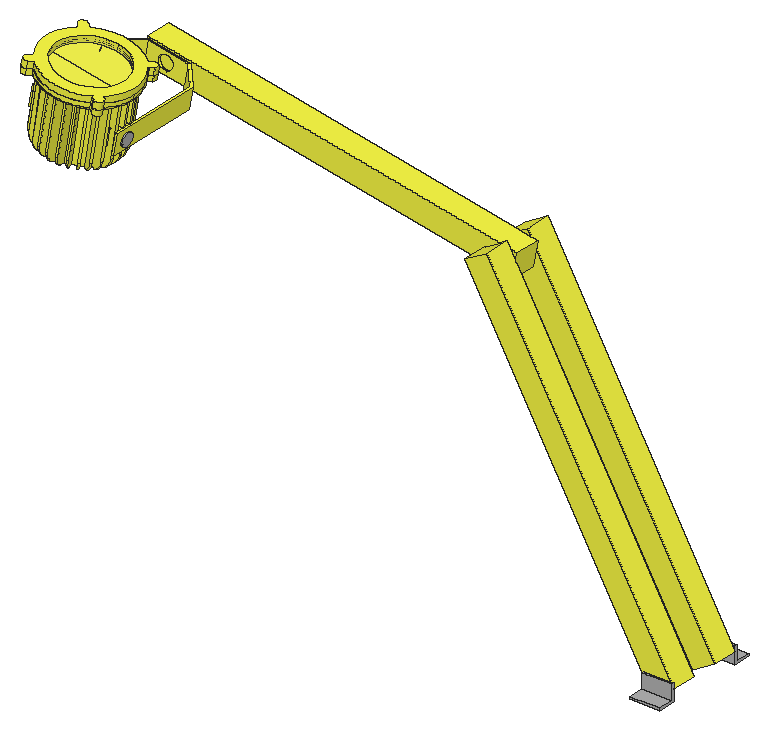
Revit family "DOKSTAR", category Lighting Fixtures, host Face, Revit 2021
Family settings
  Host = Face
  Round Connector Dimension = Use Diameter
  Part Type = Normal
  OmniClass Number = 23.80.70.11
  OmniClass Title = Luminaries for Internal Lighting
  Cut with Voids When Loaded = No
  Light Source = No
  Shared = Yes
  Room Calculation Point = No
Parameters (values of type "DOK")
  zz Angle 3 [instance] = if(Fixture Head Tilt < 1.00°, 1.00°, if(Fixture Head Tilt > 179.00°, 179.00°, Fixture Head Tilt))  # 1.00°
  zz Angle 2 [instance] = if(Single Arm Tilt < 40.00°, 40.00°, if(Single Arm Tilt > 140.00°, 140.00°, Single Arm Tilt))  # 40.00°
  zz Angle 1 [instance] = if(Double Arm Tilt < 30.00°, 30.00°, if(Double Arm Tilt > 150.00°, 150.00°, Double Arm Tilt))  # 120.00°
  Voltage = 120 V
  Single Arm Tilt [instance] = 20.00°
  Product Page URL = ""
  Product Name = "Dokstar"  # constant formula
  Product Documentation Link = ""
  Power Factor = 1
  Wattage Comments = "Up to 131 lumens/watt efficacy"  # constant formula
  URL = "https://www.currentlighting.com/columbia"
  Model = "DOK"  # constant formula
  Manufacturer = "Columbia Lighting"  # constant formula
  Load Classification = Lighting
  Lamp = "LED's"  # constant formula
  Glass = White Glass
  Fixture Head Tilt [instance] = 0.00°
  Fastener = Steel
  Double Arm Tilt [instance] = 120.00°
  Description = "LED Freight Loading Dock Fixture"  # constant formula
  Default Elevation = 4' - 0"
  Contact Us = ""
  Housing Material = Powdercoat- Yellow
  Assembly Code = "D5020200"
  Apparent Load = 0 VA
Reference planes (in)
  plane 1 "Center (Front/Back)": y = 13.01342
  plane 2: z = 0
  plane 3 "Center (Left/Right)": x = 0
  plane 4: x = -0.875
  plane 5: x = 0.875
  plane 6: y = 13.76342
  plane 7: y = 12.26342
  plane 8: y = 15.26342
  plane 9: y = 10.76342
  plane 10: y = 16.26342
  plane 11: y = 9.76342
  plane 12: z = 1
  plane 13: y = 15.38842
  plane 14: z = 0.125
  plane 15: y = 10.63842
  plane 16: z = 0.75
Forms (in)
  Extrusion 1, solid, material "Steel" <- "Fastener"
    sketch origin (0, 0, 0) x (0, 1, 0) y (0, 0, 1)
      loop
        line (15.38842, 1) -> (15.26342, 1) -> (15.26342, 0) -> (16.26342, 0) -> (16.26342, 0.125) -> (15.38842, 0.125) -> (15.38842, 1)
      loop
        line (10.63842, 1) -> (10.63842, 0.125) -> (9.76342, 0.125) -> (9.76342, 0) -> (10.76342, 0) -> (10.76342, 1) -> (10.63842, 1)
    from -0.875 to 0.875
Dimensions and locks (in)
  equal spacing: plane 4, plane 3 "Center (Left/Right)", plane 5
  equal spacing: plane 6, plane 1 "Center (Front/Back)", plane 7
  equal spacing: plane 9, plane 1 "Center (Front/Back)", plane 8, locked at 2.25 each
  locked: plane 10 to plane 8 at 1
  locked: plane 11 to plane 9 at 1
  locked: plane 12 to plane 2 at 1
  locked: plane 14 to plane 2 at 0.125
  locked: plane 13 to plane 8 at 0.125
  locked: plane 9 to plane 15 at 0.125
  locked: plane 16 to plane 2 at 0.75
  "zz Angle 1": angle plane 16 to nested 1
  aligned and locked: plane 2 to host face
  aligned and locked: level to host face
  aligned and locked: Extrusion 1 sketch curve to plane 13
  aligned and locked: Extrusion 1 sketch curve to plane 14
  aligned and locked: plane 2 to Extrusion 1 sketch curve
  aligned and locked: plane 8 to Extrusion 1 sketch curve
  aligned and locked: Extrusion 1 sketch curve to plane 12
  aligned and locked: Extrusion 1 to plane 4
  aligned and locked: Extrusion 1 to plane 5
  aligned and locked: plane 15 to Extrusion 1 sketch curve
  aligned and locked: Extrusion 1 sketch curve to plane 9
  aligned and locked: plane 12 to Extrusion 1 sketch curve
  aligned and locked: plane 14 to Extrusion 1 sketch curve
  aligned and locked: Extrusion 1 sketch curve to plane 2
  aligned and locked: plane 11 to Extrusion 1 sketch curve
  aligned and locked: plane 16 to nested 1
  aligned and locked: plane 3 "Center (Left/Right)" to nested 1
  aligned and locked: nested 2 to nested 1
Automatic sketch dimensions
  host sketch curve to host sketch curve = 8' - 0"  (x2)
  Extrusion 1 sketch curve to plane 10 = 0' - 0"
Nested families (in)
  nested 1: "Double Arm" at (0, 10.76342, 0.75) x (-0.5, 0, 0.866) z (0, 1, 0), type "Double Arm"
    with Tilt 40.00°
  nested 2: "Dokstar Fixture" at (-30.37171, 12.26342, 20.21513) x (0.9848, 0, -0.1736) z (0, -1, 0), type "Dokstar Fixture"
Connectors (in)
  electrical at (-30.33312, 6.04505, 20.399), driven by "Load Classification", driven by "Voltage", driven by "Apparent Load", driven by "Power Factor"
    settings: on nested 2, index 1, voltage 120 V, apparent load 0 VA, apparent load phase1 0 VA, apparent load phase2 0 VA, apparent load phase3 0 VA, power factor 1, load classification "Lighting", number of poles 1, system type 30, power factor state 1, is connector primary yes, connector utility no, sub classification motor no, connector description "Lighting Connector"
Definition of nested family "Double Arm"
  Parameters
    Tilt = 45.00°
    Default Elevation = 4' - 0"
    Arm = none
  Reference planes (in)
    plane 1 "Center (Front/Back)": y = 0
    plane 2: z = 0
    plane 3 "Center (Left/Right)": x = 0
    plane 4: y = 0.75
    plane 5: y = -0.75
    plane 6: x = -0.5
    plane 7: x = 21.5
    plane 8: z = 1.5
    plane 9: z = 3
    plane 10: z = 4.5
    plane 11: x = 20.75
  Forms (in)
    Extrusion 1, solid, material <- "Arm"
      sketch origin (0, 0, 0) x (0, 1, 0) y (0, 0, 1)
        loop
          line (0.75, 1.5) -> (-0.75, 1.5) -> (-0.75, 0) -> (0.75, 0) -> (0.75, 1.5)
        loop
          line (0.75, 4.5) -> (-0.75, 4.5) -> (-0.75, 3) -> (0.75, 3) -> (0.75, 4.5)
      from -0.5 to 21.5
  Lines and regions (in)
    reference lines
      curve 1: line (0, 0, 0) -> (18.25, 0, 0)
  Dimensions and locks (in)
    equal spacing: plane 4, plane 1 "Center (Front/Back)", plane 5, locked at 0.75 each
    locked: plane 6 to plane 3 "Center (Left/Right)" at 0.5
    locked: plane 6 to plane 7 at 22
    equal spacing: plane 10, plane 9, plane 8, plane 2, locked at 1.5 each
    locked: plane 11 to plane 7 at 0.75
    "Tilt": angle plane 11 to nested 1
    aligned and locked: level to plane 2
    aligned and locked: plane 8 to Extrusion 1 sketch curve
    aligned and locked: plane 4 to Extrusion 1 sketch curve
    aligned and locked: Extrusion 1 sketch curve to plane 2
    aligned and locked: plane 5 to Extrusion 1 sketch curve
    aligned and locked: Extrusion 1 sketch curve to plane 9
    aligned and locked: Extrusion 1 sketch curve to plane 10
    aligned and locked: Extrusion 1 sketch curve to plane 5
    aligned and locked: Extrusion 1 sketch curve to plane 4
    aligned and locked: Extrusion 1 to plane 6
    aligned and locked: plane 7 to Extrusion 1
    aligned and locked: plane 11 to nested 1
    aligned and locked: plane 1 "Center (Front/Back)" to nested 1
  Automatic sketch dimensions
    plane 1 "Center (Front/Back)" to curve 1 = 0' - 0"
    curve 1 to plane 3 "Center (Left/Right)" = 0' - 0"
    curve 1 to plane 11 = 0' - 2 1/2"
  Nested families (in)
    nested 1: "Single Arm" at (20.75, 0, 1.5) x (0.7071, -0.7071, 0) z (0, 0, 1), type "Single Arm"
  Definition of nested family "Single Arm"
    Parameters
      Default Elevation = 4' - 0"
      Arm = none
    Reference planes (in)
      plane 1 "Center (Front/Back)": y = 0
      plane 2: z = 0
      plane 3 "Center (Left/Right)": x = 0
      plane 4: y = 0.75
      plane 5: y = -0.75
      plane 6: x = -0.75
      plane 7: x = 21.25
      plane 8: z = 1.5
      plane 9: x = 20.25
    Forms (in)
      Extrusion 1, solid, material <- "Arm"
        sketch origin (0, 0, 0) x (0, 1, 0) y (0, 0, 1)
          loop
            line (0.75, 1.5) -> (-0.75, 1.5) -> (-0.75, 0) -> (0.75, 0) -> (0.75, 1.5)
        from -0.75 to 21.25
    Lines and regions (in)
      reference lines
        curve 1: line (0, 0, 0) -> (25.5, 0, 0)
    Dimensions and locks (in)
      equal spacing: plane 4, plane 1 "Center (Front/Back)", plane 5, locked at 0.75 each
      locked: plane 6 to plane 3 "Center (Left/Right)" at 0.75
      locked: plane 6 to plane 7 at 22
      locked: plane 8 to plane 2 at 1.5
      locked: plane 9 to plane 7 at 1
      aligned and locked: level to plane 2
      aligned and locked: plane 8 to Extrusion 1 sketch curve
      aligned and locked: plane 4 to Extrusion 1 sketch curve
      aligned and locked: Extrusion 1 sketch curve to plane 2
      aligned and locked: plane 5 to Extrusion 1 sketch curve
      aligned and locked: Extrusion 1 to plane 6
      aligned and locked: plane 7 to Extrusion 1
    Automatic sketch dimensions
      plane 1 "Center (Front/Back)" to curve 1 = 0' - 0"
      curve 1 to plane 3 "Center (Left/Right)" = 0' - 0"
      plane 7 to curve 1 = 0' - 4 1/4"
Definition of nested family "Dokstar Fixture"
  Parameters
    Wattage Comments = "14W/16W/21W"
    URL = "www.hubbellindustrial.com"
    Model = "DOKSTAR"  # constant formula
    Manufacturer = "Hubbell Industrial Lighting"  # constant formula
    Lamp = "One"
    Glass = none
    Fixture Head Tillt = 1.00°
    Fastener = none
    Description = "Dokstar™ Series LED Loading Dock Lights deliver lower energy cost with high quality superior light over incandescent, quartz or metal halide technologies traditionally used in loading dock applications."  # constant formula
    Default Elevation = 4' - 0"
    Housing Material = none
  Reference planes (in)
    plane 1 "Center (Front/Back)": y = 2
    plane 2: z = 0
    plane 3 "Center (Left/Right)": x = 0
    plane 4: x = 2.65625
    plane 5: x = -2.65625
    plane 6: z = 6.25
  Forms (in)
    Extrusion 1, solid
      sketch origin (0, 0, 0) x (1, 0, 0) y (0, 1, 0)
        loop
          line (-48, 48) -> (-48, -48) -> (48, -48) -> (48, 48) -> (-48, 48)
      from 0 to -7.58294
    Extrusion 2, solid, material <- "Fastener"
      sketch origin (0, -1.13193, -8.51579) x (0, 1, 0) y (0, 0, 1)
        loop
          circle (3.12293, 14.72676) r 0.38115
      from 2.53125 to 2.65625
    Extrusion 3, solid, material <- "Fastener"
      sketch origin (0, -1.13193, -8.47676) x (0, 1, 0) y (0, 0, -1)
        loop
          circle (3.12293, -14.72676) r 0.38115
      from 2.53125 to 2.65625
    Extrusion 4, solid, material <- "Housing Material"
      sketch origin (0, 0.86807, 0) x (1, 0, 0) y (0, 0, 1)
        loop
          line (-1.25, 0) -> (1.25, 0) -> (2.53125, 1.43342) -> (2.53125, 6.91623) -> (2.40625, 6.91623) -> (2.40625, 1.48114) -> (1.19407, 0.125) -> (-1.19407, 0.125) -> (-2.40625, 1.48114) -> (-2.40625, 6.91623) -> (-2.53125, 6.91623) -> (-2.53125, 1.43342) -> (-1.25, 0)
      from -1.73961 to -0.46604
    Extrusion 5, void
      sketch origin (0, -1.13193, 0) x (1, 0, 0) y (0, 1, 0)
        loop
          circle (0, 3.13193) r 0.44669
      from 0 to 0.125
  Cuts and joins
    Extrusion 5 cuts Extrusion 4
  Dimensions and locks (in)
    equal spacing: plane 4, plane 3 "Center (Left/Right)", plane 5, locked at 2.65625 each
    locked: plane 4 to plane 3 "Center (Left/Right)" at 2.65625
    plane 6 to plane 2 = 0' - 6 1/4"
    "Fixture Head Tillt": angle nested 1 to plane 6
    aligned and locked: plane 2 to Extrusion 1
    aligned and locked: plane 1 "Center (Front/Back)" to nested 1
    aligned and locked: plane 6 to nested 1
  Automatic sketch dimensions
    Extrusion 1 sketch curve to Extrusion 1 sketch curve = 8' - 0"  (x2)
    plane 1 "Center (Front/Back)" to Extrusion 2 sketch curve = 0' - 0.009"
    Extrusion 2 sketch curve to plane 6 = 0' - 0.03902"
    Extrusion 3 sketch curve to plane 6 = 0' - 0"
    plane 1 "Center (Front/Back)" to Extrusion 3 sketch curve = 0' - 0.009"
    Extrusion 4 sketch curve to level = 0' - 0"
    plane 5 to Extrusion 4 sketch curve = 0' - 0 1/8"
    level to Extrusion 4 sketch curve = 0' - 0 1/8"
    Extrusion 4 sketch curve to Extrusion 4 sketch curve = 0' - 0 1/8"  (x2)
    Extrusion 4 sketch curve to plane 3 "Center (Left/Right)" = 0' - 1 1/4"
    Extrusion 4 sketch curve to Extrusion 4 sketch curve = 0' - 0.05593"  (x2)
    plane 3 "Center (Left/Right)" to Extrusion 4 sketch curve = 0' - 1.19407"
    Extrusion 4 sketch curve to plane 4 = 0' - 0 1/4"
    level to Extrusion 4 sketch curve = 0' - 1.43342"  (x2)
    Extrusion 4 sketch curve to Extrusion 4 sketch curve = 0' - 0.04772"  (x2)
    plane 6 to Extrusion 4 sketch curve = 0' - 0.66623"  (x2)
    plane 1 "Center (Front/Back)" to Extrusion 5 sketch curve = 0' - 0"
    Extrusion 5 sketch curve to plane 3 "Center (Left/Right)" = 0' - 0"
    radius of Extrusion 2 sketch curve = 0' - 0.38115"
    radius of Extrusion 3 sketch curve = 0' - 0.38115"
    radius of Extrusion 5 sketch curve = 0' - 0.44669"
  Nested families (in)
    nested 1: "Dokstar Head" at (2.40625, 3.9997, 6.2849) x (0, 0.0175, -0.9998) z (-1, 0, 0), type "Dokstar Head"
  Definition of nested family "Dokstar Head"
    Parameters
      Wattage Comments = ""
      Wattage = 9.2903 W
      built-in parameter 1150110 = 1 (stored number, unit not read)
      URL = "www.hubbellindustrial.com"
      built-in parameter 1114217 = 1 (stored number, unit not read)
      Tilt Angle = 90.00°
      built-in parameter 1150109 = 1 (stored number, unit not read)
      built-in parameter 1150134 = 3
      built-in parameter 1150113 = 1 (stored number, unit not read)
      Photometric Web File = "generic"
      built-in parameter 1150142 = (empty or 0)
      Model = "DOKSTAR"  # constant formula
      Manufacturer = "Hubbell Industrial Lighting"  # constant formula
      built-in parameter 1150105 = 109.82 (stored number, unit not read)
      Lumens = 1380 lm
      built-in parameter 1150115 = 1 (stored number, unit not read)
      built-in parameter 1150137 = (empty or 0)
      built-in parameter 1150139 = (empty or 0)
      built-in parameter 1150112 = 1 (stored number, unit not read)
      built-in parameter 1150114 = 1 (stored number, unit not read)
      Lamp = ""
      Opal lens = none
      built-in parameter 1150132 = (empty or 0)
      built-in parameter 1150102 = (empty or 0)
      built-in parameter 1150107 = 3200 (stored number, unit not read)
      built-in parameter 1150138 = (empty or 0)
      built-in parameter 1150106 = 1.0982 (stored number, unit not read)
      Emit from Circle Diameter = 0' - 4"
      Emit Shape Visible in Rendering = no
      built-in parameter 1150104 = 13.8 (stored number, unit not read)
      Dimming Lamp Color Temperature Shift = (empty or 0)
      Description = "Dokstar™ Series LED Loading Dock Lights deliver lower energy cost with high quality superior light over incandescent, quartz or metal halide technologies traditionally used in loading dock applications."  # constant formula
      Default Elevation = 4' - 0"
      Finish = none
      Color Filter = 16777215
      built-in parameter 1114218 = 1 (stored number, unit not read)
      built-in parameter 1150133 = 10 (stored number, unit not read)
    Reference planes (in)
      plane 1 "Center (Front/Back)": y = 2
      plane 2: z = 0
      plane 3 "Center (Left/Right)": x = 0
      plane 4: x = 2.65625
      plane 5: x = -2.65625
      plane 6: through (2.65625, -180.68316, -0.38108) normal (-0.7232, 0, -0.6907)
      plane 7: through (-2.65625, -180.68316, -0.38108) normal (-0.7232, 0, 0.6907)
      plane 8: y = -1
      plane 9: y = 3.8125
    Forms (in)
      Extrusion 1, solid
        sketch origin (0, 0, 0) x (1, 0, 0) y (0, 1, 0)
          loop
            line (-48, 48) -> (-48, -48) -> (48, -48) -> (48, 48) -> (-48, 48)
        from 0 to -7.58294
      Extrusion 2, solid, material <- "Finish"
        sketch origin (0, 1.31684, 5.18142) x (-1, 0, 0) y (0, 0, -1)
          loop
            arc (-2.02183, 4.504) -> (-2.65625, 2.78152) -> (-2.02218, 1.05891) r 2.65625
            arc (-2.02218, 1.05891) -> (-2.01475, 1.0374) -> (-2.02388, 1.01655) r 0.03125
            line (-2.02388, 1.01655) -> (-2.17834, 0.86209)
            arc (-2.17834, 0.86209) -> (-2.18757, 0.51223) -> (-1.83797, 0.49597) r 0.25
            line (-1.83797, 0.49597) -> (-1.66073, 0.6732)
            arc (-1.66073, 0.6732) -> (-1.64066, 0.68229) -> (-1.61958, 0.67587) r 0.03125
            arc (-1.61958, 0.67587) -> (-0.00043, 0.125) -> (1.61889, 0.67534) r 2.65625
            arc (1.61889, 0.67534) -> (1.63997, 0.68175) -> (1.66004, 0.67266) r 0.03125
            line (1.66004, 0.67266) -> (1.84415, 0.48855)
            arc (1.84415, 0.48855) -> (2.19413, 0.48874) -> (2.20098, 0.83865) r 0.25
            line (2.20098, 0.83865) -> (2.02351, 1.01612)
            arc (2.02351, 1.01612) -> (2.01438, 1.03698) -> (2.02182, 1.05849) r 0.03125
            arc (2.02182, 1.05849) -> (2.65624, 2.78709) -> (2.01423, 4.51288) r 2.65625
            arc (2.01423, 4.51288) -> (2.00633, 4.53547) -> (2.0159, 4.5574) r 0.03275
            line (2.0159, 4.5574) -> (2.17817, 4.71966)
            arc (2.17817, 4.71966) -> (2.17799, 5.06965) -> (1.82807, 5.0765) r 0.25
            line (1.82807, 5.0765) -> (1.64948, 4.89791)
            arc (1.64948, 4.89791) -> (1.62949, 4.88883) -> (1.60846, 4.89514) r 0.03125
            arc (1.60846, 4.89514) -> (-0.0122, 5.43747) -> (-1.62781, 4.88027) r 2.65625
            arc (-1.62781, 4.88027) -> (-1.65021, 4.87367) -> (-1.67115, 4.884) r 0.03206
            line (-1.67115, 4.884) -> (-1.84271, 5.07211)
            arc (-1.84271, 5.07211) -> (-2.19195, 5.04919) -> (-2.17605, 4.69957) r 0.25
            line (-2.17605, 4.69957) -> (-2.02355, 4.54707)
            arc (-2.02355, 4.54707) -> (-2.01427, 4.52587) -> (-2.02183, 4.504) r 0.03177
          loop
            circle (0, 2.78125) r 2
        from 1.92187 to 2.31684
      Revolve 3, solid, material <- "Finish"
        sketch origin (0, -0.68316, 5.18142) x (0, 1, 0) y (0, 0, -1)
          loop
            line (4.49566, 2.78125) -> (0.31457, 2.78125) -> (0.31457, 0.24999) -> (0.07813, 0.24999) -> (0.07813, 0.12499) -> (0.34582, 0.12499)
            arc (0.34582, 0.12499) -> (0.41211, 0.15245) -> (0.43957, 0.21874) r 0.09375
            line (0.43957, 0.21874) -> (0.43957, 0.9584)
            arc (0.43957, 0.9584) -> (0.51279, 1.13517) -> (0.68957, 1.2084) r 0.25
            line (0.68957, 1.2084) -> (4.49566, 1.2084) -> (4.49566, 2.78125)
          axis (4.49566, 2.78125) -> (0.07813, 2.78125)
        angle from 0 to 360
      Extrusion 4, solid, material <- "Finish"
        sketch origin (0, 1.31684, 5.18142) x (-1, 0, 0) y (0, 0, -1)
          loop
            arc (2.17817, 4.71966) -> (2.17799, 5.06965) -> (1.82807, 5.0765) r 0.25
            line (1.82807, 5.0765) -> (1.64948, 4.89791)
            arc (1.64948, 4.89791) -> (1.62949, 4.88883) -> (1.60846, 4.89514) r 0.03125
            arc (1.60846, 4.89514) -> (1.8214, 4.71468) -> (2.01423, 4.51288) r 2.65625
            arc (2.01423, 4.51288) -> (2.00633, 4.53547) -> (2.0159, 4.5574) r 0.03275
            line (2.0159, 4.5574) -> (2.17817, 4.71966)
          loop
            arc (-1.84271, 5.07211) -> (-2.19195, 5.04919) -> (-2.17605, 4.69957) r 0.25
            line (-2.17605, 4.69957) -> (-2.02355, 4.54707)
            arc (-2.02355, 4.54707) -> (-2.01427, 4.52586) -> (-2.02184, 4.50399) r 0.03177
            arc (-2.02184, 4.50399) -> (-1.83562, 4.70113) -> (-1.63044, 4.87844) r 2.68025
            arc (-1.63044, 4.87844) -> (-1.6518, 4.87384) -> (-1.67115, 4.884) r 0.03206
            line (-1.67115, 4.884) -> (-1.84271, 5.07211)
          loop
            line (-2.02388, 1.01655) -> (-2.17834, 0.86209)
            arc (-2.17834, 0.86209) -> (-2.18757, 0.51223) -> (-1.83797, 0.49597) r 0.25
            line (-1.83797, 0.49597) -> (-1.66073, 0.6732)
            arc (-1.66073, 0.6732) -> (-1.64066, 0.68229) -> (-1.61958, 0.67587) r 0.03125
            arc (-1.61958, 0.67587) -> (-1.82979, 0.8557) -> (-2.02022, 1.05635) r 2.66406
            arc (-2.02022, 1.05635) -> (-2.01485, 1.03579) -> (-2.02388, 1.01655) r 0.03125
          loop
            line (1.66004, 0.67266) -> (1.84415, 0.48855)
            arc (1.84415, 0.48855) -> (2.19413, 0.48874) -> (2.20098, 0.83865) r 0.25
            line (2.20098, 0.83865) -> (2.02351, 1.01612)
            arc (2.02351, 1.01612) -> (2.01449, 1.03537) -> (2.01986, 1.05593) r 0.03125
            arc (2.01986, 1.05593) -> (1.82927, 0.85521) -> (1.61889, 0.67534) r 2.66406
            arc (1.61889, 0.67534) -> (1.63997, 0.68175) -> (1.66004, 0.67266) r 0.03125
        from 1.56466 to 1.92187
      Extrusion 5, solid, material <- "Opal lens"
        sketch origin (0, 1.89497, -12.50607) x (1, 0, 0) y (0, 0, 1)
          loop
            circle (0, 14.90624) r 2
        from 2.62787 to 2.72935
      Extrusion 6, solid, material <- "Finish"
        sketch origin (0, 2, 0) x (1, 0, 0) y (0, 0, 1)
          loop
            line (-0.48322, 4.80035) -> (-0.48322, 0) -> (0.48322, 0) -> (0.48322, 4.80035) -> (-0.48322, 4.80035)
        from -0.51564 to 0.53414
      Extrusion 7, solid, material <- "Finish"
        sketch origin (4.98824, -180.68316, 3.53871) x (0.974928, 0, 0.222521) y (0, -1, 0)
          loop
            line (-2.71426, -180.43534) -> (-3.29152, -180.43534)
            arc (-3.29152, -180.43534) -> (-3.47047, -180.50947) -> (-3.54459, -180.68841) r 0.25307
            line (-3.54459, -180.68841) -> (-3.54459, -184.4968)
            arc (-3.54459, -184.4968) -> (-2.96918, -184.26536) -> (-2.71426, -183.69996) r 0.83103
            line (-2.71426, -183.69996) -> (-2.71426, -180.43534)
        from -0.04137 to 0.04833
      Extrusion 8, solid, material <- "Finish"
        sketch origin (4.60983, -180.68316, 4.62015) x (0.900969, 0, 0.433884) y (0, -1, 0)
          loop
            line (-2.71426, -180.43534) -> (-3.29152, -180.43534)
            arc (-3.29152, -180.43534) -> (-3.47047, -180.50947) -> (-3.54459, -180.68841) r 0.25307
            line (-3.54459, -180.68841) -> (-3.54459, -184.4968)
            arc (-3.54459, -184.4968) -> (-2.96918, -184.26536) -> (-2.71426, -183.69996) r 0.83103
            line (-2.71426, -183.69996) -> (-2.71426, -180.43534)
        from -0.04137 to 0.04833
      Extrusion 9, solid, material <- "Finish"
        sketch origin (4.00026, -180.68316, 5.59028) x (0.781831, 0, 0.62349) y (0, -1, 0)
          loop
            line (-2.71426, -180.43534) -> (-3.29152, -180.43534)
            arc (-3.29152, -180.43534) -> (-3.47047, -180.50947) -> (-3.54459, -180.68841) r 0.25307
            line (-3.54459, -180.68841) -> (-3.54459, -184.4968)
            arc (-3.54459, -184.4968) -> (-2.96918, -184.26536) -> (-2.71426, -183.69996) r 0.83103
            line (-2.71426, -183.69996) -> (-2.71426, -180.43534)
        from -0.04137 to 0.04833
      Extrusion 10, solid, material <- "Finish"
        sketch origin (3.1901, -180.68316, 6.40043) x (0.62349, 0, 0.781831) y (0, -1, 0)
          loop
            line (-2.71426, -180.43534) -> (-3.29152, -180.43534)
            arc (-3.29152, -180.43534) -> (-3.47047, -180.50947) -> (-3.54459, -180.68841) r 0.25307
            line (-3.54459, -180.68841) -> (-3.54459, -184.4968)
            arc (-3.54459, -184.4968) -> (-2.96918, -184.26536) -> (-2.71426, -183.69996) r 0.83103
            line (-2.71426, -183.69996) -> (-2.71426, -180.43534)
        from -0.04137 to 0.04833
      Extrusion 11, solid, material <- "Finish"
        sketch origin (2.21998, -180.68316, 7.01) x (0.433884, 0, 0.900969) y (0, -1, 0)
          loop
            line (-2.71426, -180.43534) -> (-3.29152, -180.43534)
            arc (-3.29152, -180.43534) -> (-3.47047, -180.50947) -> (-3.54459, -180.68841) r 0.25307
            line (-3.54459, -180.68841) -> (-3.54459, -184.4968)
            arc (-3.54459, -184.4968) -> (-2.96918, -184.26536) -> (-2.71426, -183.69996) r 0.83103
            line (-2.71426, -183.69996) -> (-2.71426, -180.43534)
        from -0.04137 to 0.04833
      Extrusion 12, solid, material <- "Finish"
        sketch origin (1.13853, -180.68316, 7.38842) x (0.222521, 0, 0.974928) y (0, -1, 0)
          loop
            line (-2.71426, -180.43534) -> (-3.29152, -180.43534)
            arc (-3.29152, -180.43534) -> (-3.47047, -180.50947) -> (-3.54459, -180.68841) r 0.25307
            line (-3.54459, -180.68841) -> (-3.54459, -184.4968)
            arc (-3.54459, -184.4968) -> (-2.96918, -184.26536) -> (-2.71426, -183.69996) r 0.83103
            line (-2.71426, -183.69996) -> (-2.71426, -180.43534)
        from -0.04137 to 0.04833
      Extrusion 13, solid, material <- "Finish"
        sketch origin (0, -180.68316, 7.5167) x (0, 0, 1) y (0, -1, 0)
          loop
            line (-2.71426, -180.43534) -> (-3.29152, -180.43534)
            arc (-3.29152, -180.43534) -> (-3.47047, -180.50947) -> (-3.54459, -180.68841) r 0.25307
            line (-3.54459, -180.68841) -> (-3.54459, -184.4968)
            arc (-3.54459, -184.4968) -> (-2.96918, -184.26536) -> (-2.71426, -183.69996) r 0.83103
            line (-2.71426, -183.69996) -> (-2.71426, -180.43534)
        from -0.04137 to 0.04833
      Extrusion 14, solid, material <- "Finish"
        sketch origin (-1.13853, -180.68316, 7.38842) x (-0.222521, 0, 0.974928) y (0, -1, 0)
          loop
            line (-2.71426, -180.43534) -> (-3.29152, -180.43534)
            arc (-3.29152, -180.43534) -> (-3.47047, -180.50947) -> (-3.54459, -180.68841) r 0.25307
            line (-3.54459, -180.68841) -> (-3.54459, -184.4968)
            arc (-3.54459, -184.4968) -> (-2.96918, -184.26536) -> (-2.71426, -183.69996) r 0.83103
            line (-2.71426, -183.69996) -> (-2.71426, -180.43534)
        from -0.04137 to 0.04833
      Extrusion 15, solid, material <- "Finish"
        sketch origin (-2.21998, -180.68316, 7.01) x (-0.433884, 0, 0.900969) y (0, -1, 0)
          loop
            line (-2.71426, -180.43534) -> (-3.29152, -180.43534)
            arc (-3.29152, -180.43534) -> (-3.47047, -180.50947) -> (-3.54459, -180.68841) r 0.25307
            line (-3.54459, -180.68841) -> (-3.54459, -184.4968)
            arc (-3.54459, -184.4968) -> (-2.96918, -184.26536) -> (-2.71426, -183.69996) r 0.83103
            line (-2.71426, -183.69996) -> (-2.71426, -180.43534)
        from -0.04137 to 0.04833
      Extrusion 16, solid, material <- "Finish"
        sketch origin (-3.1901, -180.68316, 6.40043) x (-0.62349, 0, 0.781831) y (0, -1, 0)
          loop
            line (-2.71426, -180.43534) -> (-3.29152, -180.43534)
            arc (-3.29152, -180.43534) -> (-3.47047, -180.50947) -> (-3.54459, -180.68841) r 0.25307
            line (-3.54459, -180.68841) -> (-3.54459, -184.4968)
            arc (-3.54459, -184.4968) -> (-2.96918, -184.26536) -> (-2.71426, -183.69996) r 0.83103
            line (-2.71426, -183.69996) -> (-2.71426, -180.43534)
        from -0.04137 to 0.04833
      Extrusion 17, solid, material <- "Finish"
        sketch origin (-4.00026, -180.68316, 5.59028) x (-0.781831, 0, 0.62349) y (0, -1, 0)
          loop
            line (-2.71426, -180.43534) -> (-3.29152, -180.43534)
            arc (-3.29152, -180.43534) -> (-3.47047, -180.50947) -> (-3.54459, -180.68841) r 0.25307
            line (-3.54459, -180.68841) -> (-3.54459, -184.4968)
            arc (-3.54459, -184.4968) -> (-2.96918, -184.26536) -> (-2.71426, -183.69996) r 0.83103
            line (-2.71426, -183.69996) -> (-2.71426, -180.43534)
        from -0.04137 to 0.04833
      Extrusion 18, solid, material <- "Finish"
        sketch origin (-4.60983, -180.68316, 4.62015) x (-0.900969, 0, 0.433884) y (0, -1, 0)
          loop
            line (-2.71426, -180.43534) -> (-3.29152, -180.43534)
            arc (-3.29152, -180.43534) -> (-3.47047, -180.50947) -> (-3.54459, -180.68841) r 0.25307
            line (-3.54459, -180.68841) -> (-3.54459, -184.4968)
            arc (-3.54459, -184.4968) -> (-2.96918, -184.26536) -> (-2.71426, -183.69996) r 0.83103
            line (-2.71426, -183.69996) -> (-2.71426, -180.43534)
        from -0.04137 to 0.04833
      Extrusion 19, solid, material <- "Finish"
        sketch origin (-4.98824, -180.68316, 3.53871) x (-0.974928, 0, 0.222521) y (0, -1, 0)
          loop
            line (-2.71426, -180.43534) -> (-3.29152, -180.43534)
            arc (-3.29152, -180.43534) -> (-3.47047, -180.50947) -> (-3.54459, -180.68841) r 0.25307
            line (-3.54459, -180.68841) -> (-3.54459, -184.4968)
            arc (-3.54459, -184.4968) -> (-2.96918, -184.26536) -> (-2.71426, -183.69996) r 0.83103
            line (-2.71426, -183.69996) -> (-2.71426, -180.43534)
        from -0.04137 to 0.04833
      Extrusion 20, solid, material <- "Finish"
        sketch origin (-5.11653, -180.68316, 2.40017) x (-1, 0, 0) y (0, -1, 0)
          loop
            line (-2.71426, -180.43534) -> (-3.29152, -180.43534)
            arc (-3.29152, -180.43534) -> (-3.47047, -180.50947) -> (-3.54459, -180.68841) r 0.25307
            line (-3.54459, -180.68841) -> (-3.54459, -184.4968)
            arc (-3.54459, -184.4968) -> (-2.96918, -184.26536) -> (-2.71426, -183.69996) r 0.83103
            line (-2.71426, -183.69996) -> (-2.71426, -180.43534)
        from -0.04137 to 0.04833
      Extrusion 21, solid, material <- "Finish"
        sketch origin (-4.98824, -180.68316, 1.26164) x (-0.974928, 0, -0.222521) y (0, -1, 0)
          loop
            line (-2.71426, -180.43534) -> (-3.29152, -180.43534)
            arc (-3.29152, -180.43534) -> (-3.47047, -180.50947) -> (-3.54459, -180.68841) r 0.25307
            line (-3.54459, -180.68841) -> (-3.54459, -184.4968)
            arc (-3.54459, -184.4968) -> (-2.96918, -184.26536) -> (-2.71426, -183.69996) r 0.83103
            line (-2.71426, -183.69996) -> (-2.71426, -180.43534)
        from -0.04137 to 0.04833
      Extrusion 22, solid, material <- "Finish"
        sketch origin (-4.60983, -180.68316, 0.1802) x (-0.900969, 0, -0.433884) y (0, -1, 0)
          loop
            line (-2.71426, -180.43534) -> (-3.29152, -180.43534)
            arc (-3.29152, -180.43534) -> (-3.47047, -180.50947) -> (-3.54459, -180.68841) r 0.25307
            line (-3.54459, -180.68841) -> (-3.54459, -184.4968)
            arc (-3.54459, -184.4968) -> (-2.96918, -184.26536) -> (-2.71426, -183.69996) r 0.83103
            line (-2.71426, -183.69996) -> (-2.71426, -180.43534)
        from -0.04137 to 0.04833
      Extrusion 23, solid, material <- "Finish"
        sketch origin (-4.00026, -180.68316, -0.78993) x (-0.781831, 0, -0.62349) y (0, -1, 0)
          loop
            line (-2.71426, -180.43534) -> (-3.29152, -180.43534)
            arc (-3.29152, -180.43534) -> (-3.47047, -180.50947) -> (-3.54459, -180.68841) r 0.25307
            line (-3.54459, -180.68841) -> (-3.54459, -184.4968)
            arc (-3.54459, -184.4968) -> (-2.96918, -184.26536) -> (-2.71426, -183.69996) r 0.83103
            line (-2.71426, -183.69996) -> (-2.71426, -180.43534)
        from -0.04137 to 0.04833
      Extrusion 24, solid, material <- "Finish"
        sketch origin (-3.1901, -180.68316, -1.60009) x (-0.62349, 0, -0.781831) y (0, -1, 0)
          loop
            line (-2.71426, -180.43534) -> (-3.29152, -180.43534)
            arc (-3.29152, -180.43534) -> (-3.47047, -180.50947) -> (-3.54459, -180.68841) r 0.25307
            line (-3.54459, -180.68841) -> (-3.54459, -184.4968)
            arc (-3.54459, -184.4968) -> (-2.96918, -184.26536) -> (-2.71426, -183.69996) r 0.83103
            line (-2.71426, -183.69996) -> (-2.71426, -180.43534)
        from -0.04137 to 0.04833
      Extrusion 25, solid, material <- "Finish"
        sketch origin (-2.21998, -180.68316, -2.20966) x (-0.433884, 0, -0.900969) y (0, -1, 0)
          loop
            line (-2.71426, -180.43534) -> (-3.29152, -180.43534)
            arc (-3.29152, -180.43534) -> (-3.47047, -180.50947) -> (-3.54459, -180.68841) r 0.25307
            line (-3.54459, -180.68841) -> (-3.54459, -184.4968)
            arc (-3.54459, -184.4968) -> (-2.96918, -184.26536) -> (-2.71426, -183.69996) r 0.83103
            line (-2.71426, -183.69996) -> (-2.71426, -180.43534)
        from -0.04137 to 0.04833
      Extrusion 26, solid, material <- "Finish"
        sketch origin (-1.13853, -180.68316, -2.58807) x (-0.222521, 0, -0.974928) y (0, -1, 0)
          loop
            line (-2.71426, -180.43534) -> (-3.29152, -180.43534)
            arc (-3.29152, -180.43534) -> (-3.47047, -180.50947) -> (-3.54459, -180.68841) r 0.25307
            line (-3.54459, -180.68841) -> (-3.54459, -184.4968)
            arc (-3.54459, -184.4968) -> (-2.96918, -184.26536) -> (-2.71426, -183.69996) r 0.83103
            line (-2.71426, -183.69996) -> (-2.71426, -180.43534)
        from -0.04137 to 0.04833
      Extrusion 27, solid, material <- "Finish"
        sketch origin (0, -180.68316, -2.71635) x (0, 0, -1) y (0, -1, 0)
          loop
            line (-2.71426, -180.43534) -> (-3.29152, -180.43534)
            arc (-3.29152, -180.43534) -> (-3.47047, -180.50947) -> (-3.54459, -180.68841) r 0.25307
            line (-3.54459, -180.68841) -> (-3.54459, -184.4968)
            arc (-3.54459, -184.4968) -> (-2.96918, -184.26536) -> (-2.71426, -183.69996) r 0.83103
            line (-2.71426, -183.69996) -> (-2.71426, -180.43534)
        from -0.04137 to 0.04833
      Extrusion 28, solid, material <- "Finish"
        sketch origin (1.13853, -180.68316, -2.58807) x (0.222521, 0, -0.974928) y (0, -1, 0)
          loop
            line (-2.71426, -180.43534) -> (-3.29152, -180.43534)
            arc (-3.29152, -180.43534) -> (-3.47047, -180.50947) -> (-3.54459, -180.68841) r 0.25307
            line (-3.54459, -180.68841) -> (-3.54459, -184.4968)
            arc (-3.54459, -184.4968) -> (-2.96918, -184.26536) -> (-2.71426, -183.69996) r 0.83103
            line (-2.71426, -183.69996) -> (-2.71426, -180.43534)
        from -0.04137 to 0.04833
      Extrusion 29, solid, material <- "Finish"
        sketch origin (2.21998, -180.68316, -2.20966) x (0.433884, 0, -0.900969) y (0, -1, 0)
          loop
            line (-2.71426, -180.43534) -> (-3.29152, -180.43534)
            arc (-3.29152, -180.43534) -> (-3.47047, -180.50947) -> (-3.54459, -180.68841) r 0.25307
            line (-3.54459, -180.68841) -> (-3.54459, -184.4968)
            arc (-3.54459, -184.4968) -> (-2.96918, -184.26536) -> (-2.71426, -183.69996) r 0.83103
            line (-2.71426, -183.69996) -> (-2.71426, -180.43534)
        from -0.04137 to 0.04833
      Extrusion 30, solid, material <- "Finish"
        sketch origin (3.1901, -180.68316, -1.60009) x (0.62349, 0, -0.781831) y (0, -1, 0)
          loop
            line (-2.71426, -180.43534) -> (-3.29152, -180.43534)
            arc (-3.29152, -180.43534) -> (-3.47047, -180.50947) -> (-3.54459, -180.68841) r 0.25307
            line (-3.54459, -180.68841) -> (-3.54459, -184.4968)
            arc (-3.54459, -184.4968) -> (-2.96918, -184.26536) -> (-2.71426, -183.69996) r 0.83103
            line (-2.71426, -183.69996) -> (-2.71426, -180.43534)
        from -0.04137 to 0.04833
      Extrusion 31, solid, material <- "Finish"
        sketch origin (4.00026, -180.68316, -0.78993) x (0.781831, 0, -0.62349) y (0, -1, 0)
          loop
            line (-2.71426, -180.43534) -> (-3.29152, -180.43534)
            arc (-3.29152, -180.43534) -> (-3.47047, -180.50947) -> (-3.54459, -180.68841) r 0.25307
            line (-3.54459, -180.68841) -> (-3.54459, -184.4968)
            arc (-3.54459, -184.4968) -> (-2.96918, -184.26536) -> (-2.71426, -183.69996) r 0.83103
            line (-2.71426, -183.69996) -> (-2.71426, -180.43534)
        from -0.04137 to 0.04833
      Extrusion 32, solid, material <- "Finish"
        sketch origin (4.60983, -180.68316, 0.1802) x (0.900969, 0, -0.433884) y (0, -1, 0)
          loop
            line (-2.71426, -180.43534) -> (-3.29152, -180.43534)
            arc (-3.29152, -180.43534) -> (-3.47047, -180.50947) -> (-3.54459, -180.68841) r 0.25307
            line (-3.54459, -180.68841) -> (-3.54459, -184.4968)
            arc (-3.54459, -184.4968) -> (-2.96918, -184.26536) -> (-2.71426, -183.69996) r 0.83103
            line (-2.71426, -183.69996) -> (-2.71426, -180.43534)
        from -0.04137 to 0.04833
      Extrusion 33, solid, material <- "Finish"
        sketch origin (4.98824, -180.68316, 1.26164) x (0.974928, 0, -0.222521) y (0, -1, 0)
          loop
            line (-2.71426, -180.43534) -> (-3.29152, -180.43534)
            arc (-3.29152, -180.43534) -> (-3.47047, -180.50947) -> (-3.54459, -180.68841) r 0.25307
            line (-3.54459, -180.68841) -> (-3.54459, -184.4968)
            arc (-3.54459, -184.4968) -> (-2.96918, -184.26536) -> (-2.71426, -183.69996) r 0.83103
            line (-2.71426, -183.69996) -> (-2.71426, -180.43534)
        from -0.04137 to 0.04833
    Cuts and joins
      joined: Extrusion 6, Extrusion 13, Extrusion 27
    Lines and regions (in)
      reference lines
        curve 1: line (0, 2, 0) -> (0, -5.35142, 0)
    Dimensions and locks (in)
      equal spacing: plane 4, plane 3 "Center (Left/Right)", plane 5, locked at 2.65625 each
      locked: plane 4 to plane 3 "Center (Left/Right)" at 2.65625
      locked: plane 8 to plane 1 "Center (Front/Back)" at 3
      plane 9 to plane 8 = 0' - 4 13/16"
      aligned and locked: plane 2 to Extrusion 1
      aligned and locked: Extrusion 4 to Extrusion 2
      aligned and locked: Revolve 3 sketch curve to plane 9
    Automatic sketch dimensions
      Extrusion 1 sketch curve to Extrusion 1 sketch curve = 8' - 0"  (x2)
      Extrusion 2 sketch curve to Extrusion 2 sketch curve = 0' - 0"  (x28)
      Extrusion 2 sketch curve to plane 4 = 0' - 0.47791"
      Extrusion 2 sketch curve to plane 6 = 0' - 0.24986"
      plane 5 to Extrusion 2 sketch curve = 0' - 0.8121"
      plane 7 to Extrusion 2 sketch curve = 0' - 0"
      Extrusion 2 sketch curve to plane 3 "Center (Left/Right)" = 0' - 0"
      plane 6 to Extrusion 2 sketch curve = 0' - 0"  (x2)
      Extrusion 2 sketch curve to plane 4 = 0' - 0.4802"
      Extrusion 2 sketch curve to Extrusion 2 sketch curve = 0' - 0.15446"  (x2)
      Extrusion 2 sketch curve to Extrusion 2 sketch curve = 0' - 0.1525"  (x2)
      level to Extrusion 2 sketch curve = 0' - 0.10931"
      Extrusion 2 sketch curve to Extrusion 2 sketch curve = 0' - 0.33333"
      Extrusion 2 sketch curve to Extrusion 2 sketch curve = 0' - 0.34037"
      level to Extrusion 2 sketch curve = 0' - 0.29742"
      Extrusion 2 sketch curve to Extrusion 2 sketch curve = 0' - 0.17156"
      Extrusion 2 sketch curve to Extrusion 2 sketch curve = 0' - 0.17723"
      level to Extrusion 2 sketch curve = 0' - 0.28352"
      plane 5 to Extrusion 2 sketch curve = 0' - 1.00677"
      Extrusion 2 sketch curve to Extrusion 2 sketch curve = 0' - 0.18411"  (x2)
      level to Extrusion 2 sketch curve = 0' - 0.10493"
      Extrusion 2 sketch curve to Extrusion 2 sketch curve = 0' - 0.17859"
      Extrusion 2 sketch curve to Extrusion 2 sketch curve = 0' - 0.36642"
      Extrusion 2 sketch curve to Extrusion 2 sketch curve = 0' - 0.36347"
      Extrusion 2 sketch curve to Extrusion 2 sketch curve = 0' - 0.16227"  (x2)
      Extrusion 2 sketch curve to Extrusion 2 sketch curve = 0' - 0.17747"  (x2)
      Extrusion 2 sketch curve to Extrusion 2 sketch curve = 0' - 0.02246"
      Extrusion 2 sketch curve to Extrusion 2 sketch curve = 0' - 0.0221"  (x3)
      Extrusion 2 sketch curve to Extrusion 2 sketch curve = 0' - 0.02379"
      Extrusion 2 sketch curve to Extrusion 2 sketch curve = 0' - 0.02418"
      Extrusion 2 sketch curve to Extrusion 2 sketch curve = 0' - 0.16292"
      Extrusion 2 sketch curve to Extrusion 2 sketch curve = 0' - 0.17386"
      Extrusion 2 sketch curve to Extrusion 2 sketch curve = 0' - 0.02369"
      Extrusion 2 sketch curve to Extrusion 2 sketch curve = 0' - 0.01965"
      Extrusion 2 sketch curve to Extrusion 2 sketch curve = 0' - 0.01905"  (x2)
      Extrusion 2 sketch curve to Extrusion 2 sketch curve = 0' - 0.04102"
      Extrusion 2 sketch curve to Extrusion 2 sketch curve = 0' - 0.04114"
      Extrusion 2 sketch curve to Extrusion 2 sketch curve = 0' - 0.17864"
      Extrusion 2 sketch curve to Extrusion 2 sketch curve = 0' - 0.00168"
      Extrusion 2 sketch curve to Extrusion 2 sketch curve = 0' - 0.1749"
      Extrusion 2 sketch curve to Extrusion 2 sketch curve = 0' - 0.00169"
      Extrusion 2 sketch curve to Extrusion 2 sketch curve = 0' - 0.02316"
      Extrusion 2 sketch curve to Extrusion 2 sketch curve = 0' - 0.18648"
      Extrusion 4 sketch curve to plane 4 = 0' - 0.47791"
      plane 5 to Extrusion 4 sketch curve = 0' - 0.8121"
      level to Extrusion 4 sketch curve = 0' - 4.69287"
      Extrusion 4 sketch curve to plane 3 "Center (Left/Right)" = 0' - 0"
      Extrusion 4 sketch curve to plane 4 = 0' - 0.4802"
      Extrusion 4 sketch curve to Extrusion 4 sketch curve = 0' - 0.15446"  (x2)
      Extrusion 4 sketch curve to Extrusion 4 sketch curve = 0' - 0.1525"  (x2)
      level to Extrusion 4 sketch curve = 0' - 0.10931"
      Extrusion 4 sketch curve to Extrusion 4 sketch curve = 0' - 0.33333"
      Extrusion 4 sketch curve to Extrusion 4 sketch curve = 0' - 0.34037"
      level to Extrusion 4 sketch curve = 0' - 0.29742"
      Extrusion 4 sketch curve to Extrusion 4 sketch curve = 0' - 0.17156"
      Extrusion 4 sketch curve to Extrusion 4 sketch curve = 0' - 0.17723"  (x2)
      level to Extrusion 4 sketch curve = 0' - 0.28352"
      plane 5 to Extrusion 4 sketch curve = 0' - 1.00677"
      Extrusion 4 sketch curve to Extrusion 4 sketch curve = 0' - 0.18411"  (x2)
      level to Extrusion 4 sketch curve = 0' - 0.10493"
      Extrusion 4 sketch curve to Extrusion 4 sketch curve = 0' - 0.17859"
      Extrusion 4 sketch curve to Extrusion 4 sketch curve = 0' - 0.36642"
      Extrusion 4 sketch curve to Extrusion 4 sketch curve = 0' - 0.36347"
      Extrusion 4 sketch curve to Extrusion 4 sketch curve = 0' - 0.16227"  (x2)
      Extrusion 4 sketch curve to Extrusion 4 sketch curve = 0' - 0.17747"  (x2)
      Extrusion 4 sketch curve to Extrusion 4 sketch curve = 0' - 0.02246"
      Extrusion 4 sketch curve to Extrusion 4 sketch curve = 0' - 0.0221"  (x6)
      Extrusion 4 sketch curve to Extrusion 4 sketch curve = 0' - 0.02417"
      Extrusion 4 sketch curve to Extrusion 4 sketch curve = 0' - 0.02575"
      Extrusion 4 sketch curve to Extrusion 4 sketch curve = 0' - 0.17041"
      Extrusion 4 sketch curve to Extrusion 4 sketch curve = 0' - 0.17386"
      Extrusion 4 sketch curve to Extrusion 4 sketch curve = 0' - 0.02369"
      Extrusion 4 sketch curve to Extrusion 4 sketch curve = 0' - 0.01702"
      Extrusion 4 sketch curve to Extrusion 4 sketch curve = 0' - 0.01905"
      Extrusion 4 sketch curve to Extrusion 4 sketch curve = 0' - 0"  (x4)
      plane 3 "Center (Left/Right)" to Extrusion 4 sketch curve = 0' - 0.00476"
      Extrusion 4 sketch curve to plane 3 "Center (Left/Right)" = 0' - 0.00476"
      Extrusion 4 sketch curve to plane 3 "Center (Left/Right)" = 0' - 0.0172"
      Extrusion 4 sketch curve to Extrusion 4 sketch curve = 0' - 0.04102"
      Extrusion 4 sketch curve to Extrusion 4 sketch curve = 0' - 0.04114"
      Extrusion 4 sketch curve to Extrusion 4 sketch curve = 0' - 0.01892"
      Extrusion 4 sketch curve to Extrusion 4 sketch curve = 0' - 0.17864"
      Extrusion 4 sketch curve to Extrusion 4 sketch curve = 0' - 0.00168"
      Extrusion 4 sketch curve to Extrusion 4 sketch curve = 0' - 0.18194"
      Extrusion 4 sketch curve to Extrusion 4 sketch curve = 0' - 0.00365"
      Extrusion 4 sketch curve to Extrusion 4 sketch curve = 0' - 0.02484"
      Extrusion 4 sketch curve to Extrusion 4 sketch curve = 0' - 0.00741"
      Extrusion 4 sketch curve to Extrusion 4 sketch curve = 0' - 0.3501"
      Extrusion 4 sketch curve to Extrusion 4 sketch curve = 0' - 0.36613"
      Extrusion 4 sketch curve to Extrusion 4 sketch curve = 0' - 0.33693"
      Extrusion 4 sketch curve to Extrusion 4 sketch curve = 0' - 0.34051"
      Extrusion 4 sketch curve to Extrusion 4 sketch curve = 0' - 0.01683"
      Extrusion 4 sketch curve to Extrusion 4 sketch curve = 0' - 0.04308"
      Extrusion 5 sketch curve to Extrusion 5 sketch curve = 0' - 0"  (x2)
      Extrusion 5 sketch curve to plane 3 "Center (Left/Right)" = 0' - 0"
      plane 5 to Extrusion 5 sketch curve = 0' - 0 21/32"
      level to Extrusion 5 sketch curve = 0' - 2.40017"
      Extrusion 6 sketch curve to plane 3 "Center (Left/Right)" = 0' - 0.48322"
      level to Extrusion 6 sketch curve = 0' - 4.80035"
      Extrusion 6 sketch curve to level = 0' - 0"
      plane 3 "Center (Left/Right)" to Extrusion 6 sketch curve = 0' - 0.48322"
      Revolve 3 sketch curve to Revolve 3 sketch curve = 0' - 0.23644"
      Revolve 3 sketch curve to Revolve 3 sketch curve = 0' - 0 1/32"
      Revolve 3 sketch curve to Revolve 3 sketch curve = 0' - 0 3/32"
      Revolve 3 sketch curve to Revolve 3 sketch curve = 0' - 0 1/4"
      Revolve 3 sketch curve to Revolve 3 sketch curve = 0' - 0 1/8"
      Revolve 3 sketch curve to Revolve 3 sketch curve = 0' - 2 17/32"
      level to Revolve 3 sketch curve = 0' - 2.40017"
      Revolve 3 sketch curve to Revolve 3 sketch curve = 0' - 0.37066"
      Extrusion 7 sketch curve to Extrusion 7 sketch curve = 0' - 0.25307"
      Extrusion 7 sketch curve to Extrusion 7 sketch curve = 0' - 0"
      Extrusion 7 sketch curve to Extrusion 7 sketch curve = 0' - 3.01154"
      Extrusion 7 sketch curve to Extrusion 7 sketch curve = 0' - 0.79684"
      Extrusion 7 sketch curve to Extrusion 7 sketch curve = 0' - 0.83103"
      Extrusion 8 sketch curve to Extrusion 8 sketch curve = 0' - 0.25307"
      Extrusion 8 sketch curve to Extrusion 8 sketch curve = 0' - 0"
      Extrusion 8 sketch curve to Extrusion 8 sketch curve = 0' - 3.01154"
      Extrusion 8 sketch curve to Extrusion 8 sketch curve = 0' - 0.79684"
      Extrusion 8 sketch curve to Extrusion 8 sketch curve = 0' - 0.83103"
      Extrusion 9 sketch curve to Extrusion 9 sketch curve = 0' - 0.25307"
      Extrusion 9 sketch curve to Extrusion 9 sketch curve = 0' - 0"
      Extrusion 9 sketch curve to Extrusion 9 sketch curve = 0' - 3.01154"
      Extrusion 9 sketch curve to Extrusion 9 sketch curve = 0' - 0.79684"
      Extrusion 9 sketch curve to Extrusion 9 sketch curve = 0' - 0.83103"
      Extrusion 10 sketch curve to Extrusion 10 sketch curve = 0' - 0.25307"
      Extrusion 10 sketch curve to Extrusion 10 sketch curve = 0' - 0"
      Extrusion 10 sketch curve to Extrusion 10 sketch curve = 0' - 3.01154"
      Extrusion 10 sketch curve to Extrusion 10 sketch curve = 0' - 0.79684"
      Extrusion 10 sketch curve to Extrusion 10 sketch curve = 0' - 0.83103"
      Extrusion 11 sketch curve to Extrusion 11 sketch curve = 0' - 0.25307"
      Extrusion 11 sketch curve to Extrusion 11 sketch curve = 0' - 0"
      Extrusion 11 sketch curve to Extrusion 11 sketch curve = 0' - 3.01154"
      Extrusion 11 sketch curve to Extrusion 11 sketch curve = 0' - 0.79684"
      Extrusion 11 sketch curve to Extrusion 11 sketch curve = 0' - 0.83103"
      Extrusion 12 sketch curve to Extrusion 12 sketch curve = 0' - 0.25307"
      Extrusion 12 sketch curve to Extrusion 12 sketch curve = 0' - 0"
      Extrusion 12 sketch curve to Extrusion 12 sketch curve = 0' - 3.01154"
      Extrusion 12 sketch curve to Extrusion 12 sketch curve = 0' - 0.79684"
      Extrusion 12 sketch curve to Extrusion 12 sketch curve = 0' - 0.83103"
      Extrusion 13 sketch curve to Extrusion 13 sketch curve = 0' - 0.25307"
      Extrusion 13 sketch curve to Extrusion 13 sketch curve = 0' - 0"
      Extrusion 13 sketch curve to Extrusion 13 sketch curve = 0' - 3.01154"
      Extrusion 13 sketch curve to Extrusion 13 sketch curve = 0' - 0.79684"
      Extrusion 13 sketch curve to Extrusion 13 sketch curve = 0' - 0.83103"
      Extrusion 14 sketch curve to Extrusion 14 sketch curve = 0' - 0.25307"
      Extrusion 14 sketch curve to Extrusion 14 sketch curve = 0' - 0"
      Extrusion 14 sketch curve to Extrusion 14 sketch curve = 0' - 3.01154"
      Extrusion 14 sketch curve to Extrusion 14 sketch curve = 0' - 0.79684"
      Extrusion 14 sketch curve to Extrusion 14 sketch curve = 0' - 0.83103"
      Extrusion 15 sketch curve to Extrusion 15 sketch curve = 0' - 0.25307"
      Extrusion 15 sketch curve to Extrusion 15 sketch curve = 0' - 0"
      Extrusion 15 sketch curve to Extrusion 15 sketch curve = 0' - 3.01154"
      Extrusion 15 sketch curve to Extrusion 15 sketch curve = 0' - 0.79684"
      Extrusion 15 sketch curve to Extrusion 15 sketch curve = 0' - 0.83103"
      Extrusion 16 sketch curve to Extrusion 16 sketch curve = 0' - 0.25307"
      Extrusion 16 sketch curve to Extrusion 16 sketch curve = 0' - 0"
      Extrusion 16 sketch curve to Extrusion 16 sketch curve = 0' - 3.01154"
      Extrusion 16 sketch curve to Extrusion 16 sketch curve = 0' - 0.79684"
      Extrusion 16 sketch curve to Extrusion 16 sketch curve = 0' - 0.83103"
      Extrusion 17 sketch curve to Extrusion 17 sketch curve = 0' - 0.25307"
      Extrusion 17 sketch curve to Extrusion 17 sketch curve = 0' - 0"
      Extrusion 17 sketch curve to Extrusion 17 sketch curve = 0' - 3.01154"
      Extrusion 17 sketch curve to Extrusion 17 sketch curve = 0' - 0.79684"
      Extrusion 17 sketch curve to Extrusion 17 sketch curve = 0' - 0.83103"
      Extrusion 18 sketch curve to Extrusion 18 sketch curve = 0' - 0.25307"
      Extrusion 18 sketch curve to Extrusion 18 sketch curve = 0' - 0"
      Extrusion 18 sketch curve to Extrusion 18 sketch curve = 0' - 3.01154"
      Extrusion 18 sketch curve to Extrusion 18 sketch curve = 0' - 0.79684"
      Extrusion 18 sketch curve to Extrusion 18 sketch curve = 0' - 0.83103"
      Extrusion 19 sketch curve to Extrusion 19 sketch curve = 0' - 0.25307"
      Extrusion 19 sketch curve to Extrusion 19 sketch curve = 0' - 0"
      Extrusion 19 sketch curve to Extrusion 19 sketch curve = 0' - 3.01154"
      Extrusion 19 sketch curve to Extrusion 19 sketch curve = 0' - 0.79684"
      Extrusion 19 sketch curve to Extrusion 19 sketch curve = 0' - 0.83103"
      Extrusion 20 sketch curve to Extrusion 20 sketch curve = 0' - 0.25307"
      Extrusion 20 sketch curve to Extrusion 20 sketch curve = 0' - 0"
      Extrusion 20 sketch curve to Extrusion 20 sketch curve = 0' - 3.01154"
      Extrusion 20 sketch curve to Extrusion 20 sketch curve = 0' - 0.79684"
      Extrusion 20 sketch curve to Extrusion 20 sketch curve = 0' - 0.83103"
      Extrusion 21 sketch curve to Extrusion 21 sketch curve = 0' - 0.25307"
      Extrusion 21 sketch curve to Extrusion 21 sketch curve = 0' - 0"
      Extrusion 21 sketch curve to Extrusion 21 sketch curve = 0' - 3.01154"
      Extrusion 21 sketch curve to Extrusion 21 sketch curve = 0' - 0.79684"
      Extrusion 21 sketch curve to Extrusion 21 sketch curve = 0' - 0.83103"
      Extrusion 22 sketch curve to Extrusion 22 sketch curve = 0' - 0.25307"
      Extrusion 22 sketch curve to Extrusion 22 sketch curve = 0' - 0"
      Extrusion 22 sketch curve to Extrusion 22 sketch curve = 0' - 3.01154"
      Extrusion 22 sketch curve to Extrusion 22 sketch curve = 0' - 0.79684"
      Extrusion 22 sketch curve to Extrusion 22 sketch curve = 0' - 0.83103"
      Extrusion 23 sketch curve to Extrusion 23 sketch curve = 0' - 0.25307"
      Extrusion 23 sketch curve to Extrusion 23 sketch curve = 0' - 0"
      Extrusion 23 sketch curve to Extrusion 23 sketch curve = 0' - 3.01154"
      Extrusion 23 sketch curve to Extrusion 23 sketch curve = 0' - 0.79684"
      Extrusion 23 sketch curve to Extrusion 23 sketch curve = 0' - 0.83103"
      Extrusion 24 sketch curve to Extrusion 24 sketch curve = 0' - 0.25307"
      Extrusion 24 sketch curve to Extrusion 24 sketch curve = 0' - 0"
      Extrusion 24 sketch curve to Extrusion 24 sketch curve = 0' - 3.01154"
      Extrusion 24 sketch curve to Extrusion 24 sketch curve = 0' - 0.79684"
      Extrusion 24 sketch curve to Extrusion 24 sketch curve = 0' - 0.83103"
      Extrusion 25 sketch curve to Extrusion 25 sketch curve = 0' - 0.25307"
      Extrusion 25 sketch curve to Extrusion 25 sketch curve = 0' - 0"
      Extrusion 25 sketch curve to Extrusion 25 sketch curve = 0' - 3.01154"
      Extrusion 25 sketch curve to Extrusion 25 sketch curve = 0' - 0.79684"
      Extrusion 25 sketch curve to Extrusion 25 sketch curve = 0' - 0.83103"
      Extrusion 26 sketch curve to Extrusion 26 sketch curve = 0' - 0.25307"
      Extrusion 26 sketch curve to Extrusion 26 sketch curve = 0' - 0"
      Extrusion 26 sketch curve to Extrusion 26 sketch curve = 0' - 3.01154"
      Extrusion 26 sketch curve to Extrusion 26 sketch curve = 0' - 0.79684"
      Extrusion 26 sketch curve to Extrusion 26 sketch curve = 0' - 0.83103"
      Extrusion 27 sketch curve to Extrusion 27 sketch curve = 0' - 0.25307"
      Extrusion 27 sketch curve to Extrusion 27 sketch curve = 0' - 0"
      Extrusion 27 sketch curve to Extrusion 27 sketch curve = 0' - 3.01154"
      Extrusion 27 sketch curve to Extrusion 27 sketch curve = 0' - 0.79684"
      Extrusion 27 sketch curve to Extrusion 27 sketch curve = 0' - 0.83103"
      Extrusion 28 sketch curve to Extrusion 28 sketch curve = 0' - 0.25307"
      Extrusion 28 sketch curve to Extrusion 28 sketch curve = 0' - 0"
      Extrusion 28 sketch curve to Extrusion 28 sketch curve = 0' - 3.01154"
      Extrusion 28 sketch curve to Extrusion 28 sketch curve = 0' - 0.79684"
      Extrusion 28 sketch curve to Extrusion 28 sketch curve = 0' - 0.83103"
      Extrusion 29 sketch curve to Extrusion 29 sketch curve = 0' - 0.25307"
      Extrusion 29 sketch curve to Extrusion 29 sketch curve = 0' - 0"
      Extrusion 29 sketch curve to Extrusion 29 sketch curve = 0' - 3.01154"
      Extrusion 29 sketch curve to Extrusion 29 sketch curve = 0' - 0.79684"
      Extrusion 29 sketch curve to Extrusion 29 sketch curve = 0' - 0.83103"
      Extrusion 30 sketch curve to Extrusion 30 sketch curve = 0' - 0.25307"
      Extrusion 30 sketch curve to Extrusion 30 sketch curve = 0' - 0"
      Extrusion 30 sketch curve to Extrusion 30 sketch curve = 0' - 3.01154"
      Extrusion 30 sketch curve to Extrusion 30 sketch curve = 0' - 0.79684"
      Extrusion 30 sketch curve to Extrusion 30 sketch curve = 0' - 0.83103"
      Extrusion 31 sketch curve to Extrusion 31 sketch curve = 0' - 0.25307"
      Extrusion 31 sketch curve to Extrusion 31 sketch curve = 0' - 0"
      Extrusion 31 sketch curve to Extrusion 31 sketch curve = 0' - 3.01154"
      Extrusion 31 sketch curve to Extrusion 31 sketch curve = 0' - 0.79684"
      Extrusion 31 sketch curve to Extrusion 31 sketch curve = 0' - 0.83103"
      Extrusion 32 sketch curve to Extrusion 32 sketch curve = 0' - 0.25307"
      Extrusion 32 sketch curve to Extrusion 32 sketch curve = 0' - 0"
      Extrusion 32 sketch curve to Extrusion 32 sketch curve = 0' - 3.01154"
      Extrusion 32 sketch curve to Extrusion 32 sketch curve = 0' - 0.79684"
      Extrusion 32 sketch curve to Extrusion 32 sketch curve = 0' - 0.83103"
      Extrusion 33 sketch curve to Extrusion 33 sketch curve = 0' - 0.25307"
      Extrusion 33 sketch curve to Extrusion 33 sketch curve = 0' - 0"
      Extrusion 33 sketch curve to Extrusion 33 sketch curve = 0' - 3.01154"
      Extrusion 33 sketch curve to Extrusion 33 sketch curve = 0' - 0.79684"
      Extrusion 33 sketch curve to Extrusion 33 sketch curve = 0' - 0.83103"
      curve 1 to plane 3 "Center (Left/Right)" = 0' - 0"
      plane 1 "Center (Front/Back)" to curve 1 = 0' - 0"
      curve 1 to plane 8 = 0' - 4.35142"
      plane 8 to Revolve 3 sketch curve = 0' - 0.39497"
      level to Revolve 3 sketch curve = 0' - 4.22303"
      Revolve 3 sketch curve to Revolve 3 sketch curve = 0' - 0.31043"
      Revolve 3 sketch curve to Revolve 3 sketch curve = 0' - 0"
      radius of Extrusion 2 sketch curve = 0' - 2"
